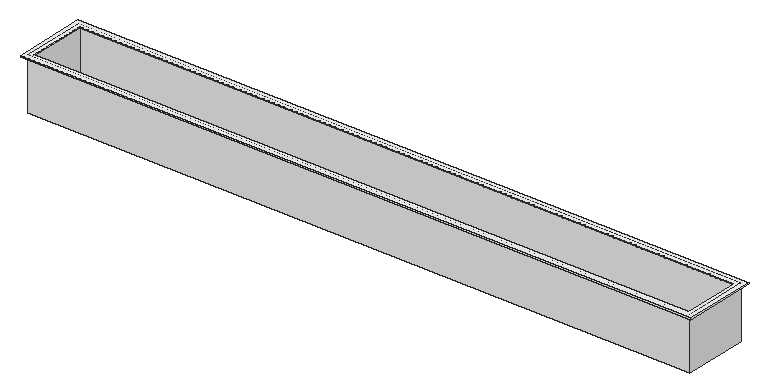
Revit family "Lighting-Recessed-Amerlux-GRUV6-HE-GB", category Lighting Fixtures, host Face, Revit 2014
Parameters
  Wattage = 9.2903 W
  built-in parameter 1150110 = 1 (stored number, unit not read)
  Voltage = 0 V
  URL = "http://www.amerlux.com/"
  built-in parameter 1114217 = 1 (stored number, unit not read)
  Tilt Angle = -90.00°
  built-in parameter 1150109 = 1 (stored number, unit not read)
  built-in parameter 1150134 = 3
  built-in parameter 1150113 = 1 (stored number, unit not read)
  Power Factor = 1
  Photometric Web File = "generic"
  Number of Poles = 1
  built-in parameter 1150142 = (empty or 0)
  Model = "GRUV6-HE-GB"
  Manufacturer = "Amerlux"
  built-in parameter 1150105 = 109.82 (stored number, unit not read)
  Lumens = 1380 lm
  built-in parameter 1150115 = 1 (stored number, unit not read)
  built-in parameter 1150137 = (empty or 0)
  built-in parameter 1150139 = (empty or 0)
  Length = 4' - 4"
  built-in parameter 1150112 = 1 (stored number, unit not read)
  built-in parameter 1150114 = 1 (stored number, unit not read)
  Lamp = "LED"
  built-in parameter 1150132 = (empty or 0)
  built-in parameter 1150102 = (empty or 0)
  built-in parameter 1150107 = 3200 (stored number, unit not read)
  built-in parameter 1150138 = (empty or 0)
  built-in parameter 1150106 = 1.0982 (stored number, unit not read)
  Height = 0' - 4"
  Emit from Line Length = Length  # 4' - 4"
  built-in parameter 1150104 = 13.8 (stored number, unit not read)
  Dimming Lamp Color Temperature Shift = <None>
  Description = "Recessed Linear"
  Default Elevation = 4' - 0"
  Color Filter = 16777215
  built-in parameter 1114218 = 1 (stored number, unit not read)
  built-in parameter 1150133 = 10 (stored number, unit not read)
  Apparent Load = 0 VA
Reference planes (in)
  plane 1 "Center (Front/Back)": y = 0
  plane 2: z = 0
  plane 3 "Center (Left/Right)": x = 0
  plane 4: x = -26
  plane 5: x = 26
Forms (in)
  Extrusion 1, solid, material "Trim"
    sketch origin (0, 0, 0) x (1, 0, 0) y (0, 1, 0)
      loop
        line (-26.3125, 2.84375) -> (-26.3125, -2.84375) -> (26.3125, -2.84375) -> (26.3125, 2.84375) -> (-26.3125, 2.84375)
    from 0 to 0.11043
  Extrusion 2, solid, material "Finish"
    sketch origin (0, 0, 0) x (1, 0, 0) y (0, 1, 0)
      loop
        line (-26, 2.5) -> (-26, -2.5) -> (26, -2.5) -> (26, 2.5) -> (-26, 2.5)
    from -4 to 0
  Extrusion 3, void
    sketch origin (0, 0, 0) x (1, 0, 0) y (0, 1, 0)
      loop
        line (-25.75, 2.25) -> (-25.75, -2.25) -> (25.75, -2.25) -> (25.75, 2.25) -> (-25.75, 2.25)
    from -3.81426 to 0.11043
  Extrusion 4, solid, material "Lens"
    sketch origin (0, 0, 0) x (1, 0, 0) y (0, 1, 0)
      loop
        line (-26, 2.5) -> (-26, -2.5) -> (26, -2.5) -> (26, 2.5) -> (-26, 2.5)
    from 0 to 0.11043
Cuts and joins
  Extrusion 3 cuts Extrusion 1
  Extrusion 3 cuts Extrusion 2
Dimensions and locks (in)
  equal spacing: plane 4, plane 3 "Center (Left/Right)", plane 5
  "Length": plane 4 to plane 5
  "Height": Extrusion 2 to Extrusion 2
  locked: cut or joined group of Extrusion 2, Extrusion 3 to cut or joined group of Extrusion 1, Extrusion 3 at 0.25
  cut or joined group of Extrusion 2, Extrusion 3 to cut or joined group of Extrusion 1, Extrusion 3 = 0' - 0 1/4"  (x2)
  locked: cut or joined group of Extrusion 1, Extrusion 3 to cut or joined group of Extrusion 2, Extrusion 3 at 0.25
  locked: cut or joined group of Extrusion 2, Extrusion 3 to Extrusion 1 sketch curve at 0.3125
  locked: Extrusion 1 sketch curve to cut or joined group of Extrusion 2, Extrusion 3 at 0.3125
  aligned and locked: plane 2 to host face
  aligned and locked: level to host face
  aligned and locked: level to Extrusion 2
  aligned and locked: Extrusion 1 to level
  aligned and locked: cut or joined group of Extrusion 1, Extrusion 3 to Extrusion 3
  aligned and locked: cut or joined group of Extrusion 1, Extrusion 3 to Extrusion 4
  aligned and locked: Extrusion 4 to level
  aligned and locked: Extrusion 4 sketch curve to cut or joined group of Extrusion 2, Extrusion 3  (x4)
Automatic sketch dimensions
  host sketch curve to host sketch curve = 9' - 10.53435"
  host sketch curve to host sketch curve = 8' - 0"
  Extrusion 3 sketch curve to plane 3 "Center (Left/Right)" = 2' - 1 3/4"
  plane 3 "Center (Left/Right)" to Extrusion 3 sketch curve = 2' - 1 3/4"
  plane 1 "Center (Front/Back)" to Extrusion 3 sketch curve = 0' - 2 1/4"
  Extrusion 3 sketch curve to plane 1 "Center (Front/Back)" = 0' - 2 1/4"
  Extrusion 1 sketch curve to plane 1 "Center (Front/Back)" = 0' - 2 27/32"
  plane 1 "Center (Front/Back)" to Extrusion 1 sketch curve = 0' - 2 27/32"
  Extrusion 2 sketch curve to plane 4 = 0' - 0"
  Extrusion 2 sketch curve to plane 5 = 0' - 0"
  plane 1 "Center (Front/Back)" to Extrusion 2 sketch curve = 0' - 2 1/2"
  Extrusion 2 sketch curve to plane 1 "Center (Front/Back)" = 0' - 2 1/2"
Connectors (in)
  electrical at (0, 0, -4), driven by "Number of Poles", driven by "Voltage", driven by "Apparent Load", driven by "Power Factor"
    settings: on cut or joined group of Extrusion 2, Extrusion 3, index 1, voltage 0 V, apparent load 0 VA, apparent load phase1 0 VA, apparent load phase2 0 VA, apparent load phase3 0 VA, power factor 1, load classification "Other", number of poles 1, system type 31, power factor state 1, is connector primary yes, connector utility yes, sub classification motor no, connector description "Power"
